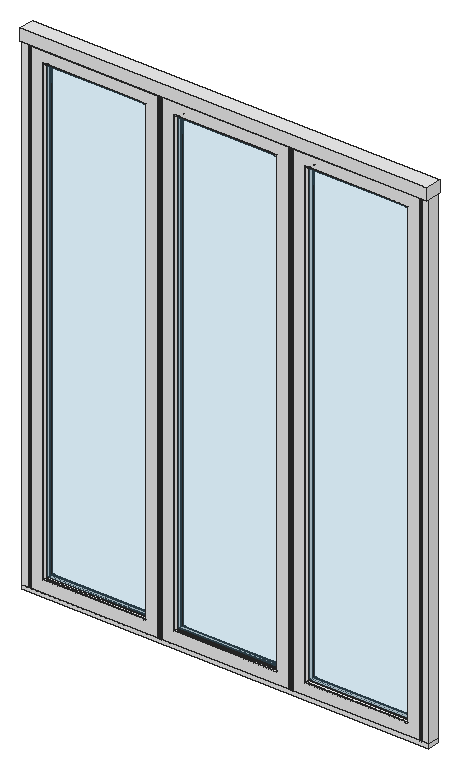
Revit family "Window-NanaWall-WD-66", category Windows, host Wall, Revit 2013 (continued)
Definition of nested family "Sill_WD-66"
  Definition of nested family "Sill_WD66"
    Lines and regions (in)
      model lines, style "DetailComponents", in view "Ref. Level", visible <- "Half"
        curve 318: line (-0.7283465, 4.2913386, 0) -> (-0.7283465, 4.1732283, 0)
        curve 319: line (-0.7283465, 4.1732283, 0) -> (-0.5905512, 4.1732283, 0)
        curve 320: line (-0.5905512, 4.1732283, 0) -> (-0.5905512, 3.8188976, 0)
        curve 321: line (-0.5905512, 3.8188976, 0) -> (-0.3937008, 3.8188976, 0)
        curve 322: line (-0.3937008, 3.8188976, 0) -> (-0.3937008, 3.7204724, 0)
        curve 323: line (-0.3937008, 3.7204724, 0) -> (-0.0393701, 3.7204724, 0)
        curve 324: line (-0.0393701, 3.7204724, 0) -> (-0.0393701, 3.8188976, 0)
        curve 325: line (-0.0393701, 3.8188976, 0) -> (0.8102539, 3.8188976, 0)
        curve 326: arc (-1.023622, 2.2244094, 0) -> (-1.0063252, 2.1826512, 0) -> (-0.9645669, 2.1653543, 0) r 0.0590551
        curve 327: arc (-0.8858268, 2.1653543, 0) -> (-0.8440685, 2.1826512, 0) -> (-0.8267717, 2.2244094, 0) r 0.0590551
      model lines, style "DetailComponents", in view "Ref. Level"
        curve 157: arc (-1.2204724, 1.0629921, 0) -> (-1.19741, 1.0073144, 0) -> (-1.1417323, 0.984252, 0) r 0.0787402
        curve 158: arc (-1.2992126, 1.0629921, 0) -> (-1.2530877, 0.9516367, 0) -> (-1.1417323, 0.9055118, 0) r 0.1574803
        curve 159: arc (-1.0629921, 0.8661417, 0) -> (-1.0745234, 0.8939806, 0) -> (-1.1023622, 0.9055118, 0) r 0.0393701
        curve 160: arc (-1.1023622, 2.480315, 0) -> (-1.2415565, 2.4226588, 0) -> (-1.2992126, 2.2834646, 0) r 0.1968504
        curve 161: arc (-1.1889764, 2.3740157, 0) -> (-1.2168152, 2.3624845, 0) -> (-1.2283465, 2.3346457, 0) r 0.0393701
        curve 162: arc (-1.0826772, 2.1653543, 0) -> (-1.0692772, 2.1705967, 0) -> (-1.0629921, 2.1835405, 0) r 0.0197468
        curve 163: arc (-1.0629921, 2.2322835, 0) -> (-1.0687577, 2.2462029, 0) -> (-1.0826772, 2.2519685, 0) r 0.019685
        curve 164: arc (-1.0826772, 2.3740157, 0) -> (-1.0687577, 2.3797814, 0) -> (-1.0629921, 2.3937008, 0) r 0.019685
        curve 165: arc (-1.0629921, 2.4409449, 0) -> (-1.0745234, 2.4687837, 0) -> (-1.1023622, 2.480315, 0) r 0.0393701
        curve 166: arc (-0.511811, 0.984252, 0) -> (-0.4839722, 0.9957832, 0) -> (-0.4724409, 1.023622, 0) r 0.0393701
        curve 167: arc (-0.3937008, 1.5354331, 0) -> (-0.4330709, 1.5748031, 0) -> (-0.4724409, 1.5354331, 0) r 0.0393701
        curve 168: arc (0.5511811, 1.6929134, 0) -> (0.4724409, 1.7716535, 0) -> (0.3937008, 1.6929134, 0) r 0.0787402
        curve 188: line (-1.1417323, 0.984252, 0) -> (-0.511811, 0.984252, 0)
        curve 189: line (-1.1417323, 0.9055118, 0) -> (-1.1023622, 0.9055118, 0)
        curve 190: line (-1.2992126, 2.2834646, 0) -> (-1.2992126, 1.0629921, 0)
        curve 191: line (-1.2204724, 1.0629921, 0) -> (-1.2204724, 2.1653543, 0)
        curve 192: line (-1.2204724, 2.1653543, 0) -> (-1.0826772, 2.1653543, 0)
        curve 193: line (-1.0629921, 2.3937008, 0) -> (-1.0629921, 2.4409449, 0)
        curve 194: line (-1.0629921, 2.1835405, 0) -> (-1.0629921, 2.2322835, 0)
        curve 195: line (-1.0826772, 2.2519685, 0) -> (-1.1023622, 2.2519685, 0)
        curve 196: line (-1.1023622, 2.2519685, 0) -> (-1.1023622, 2.2047244, 0)
        curve 197: line (-1.1023622, 2.2047244, 0) -> (-1.1535433, 2.2047244, 0)
        curve 198: line (-1.1535433, 2.2047244, 0) -> (-1.1535433, 2.2519685, 0)
        curve 199: line (-1.1535433, 2.2519685, 0) -> (-1.2283465, 2.2519685, 0)
        curve 200: line (-1.2283465, 2.2519685, 0) -> (-1.2283465, 2.3346457, 0)
        curve 201: line (-1.1889764, 2.3740157, 0) -> (-1.1535433, 2.3740157, 0)
        curve 202: line (-1.1535433, 2.3740157, 0) -> (-1.1535433, 2.4212598, 0)
        curve 203: line (-1.1535433, 2.4212598, 0) -> (-1.1023622, 2.4212598, 0)
        curve 204: line (-1.1023622, 2.4212598, 0) -> (-1.1023622, 2.3740157, 0)
        curve 205: line (-1.1023622, 2.3740157, 0) -> (-1.0826772, 2.3740157, 0)
        curve 206: line (0.4724409, 0.2559055, 0) -> (1.2283465, 0.2559055, 0)
        curve 207: line (1.2283465, 0.2559055, 0) -> (1.2283465, 0.9173228, 0)
        curve 208: line (1.2283465, 0.9173228, 0) -> (0.4724409, 0.9173228, 0)
        curve 209: line (0.4724409, 0.9173228, 0) -> (0.4724409, 0.2559055, 0)
        curve 210: line (-0.4724409, 1.5354331, 0) -> (-0.4724409, 1.023622, 0)
        curve 211: line (0.3937008, 1.6929134, 0) -> (0.3937008, 0.7834646, 0)
        curve 212: line (0.3937008, 0.7834646, 0) -> (0.3125178, 0.7834646, 0)
        curve 213: line (0.3125178, 0.7834646, 0) -> (0.2761104, 0.6535433, 0)
        curve 214: line (0.2761104, 0.6535433, 0) -> (-0.2761104, 0.6535433, 0)
        curve 215: line (-0.2761104, 0.6535433, 0) -> (-0.3637795, 0.7204724, 0)
        curve 216: line (-1.0629921, 0.8661417, 0) -> (-1.0629921, 0, 0)
        curve 217: line (-1.0629921, 0, 0) -> (-0.8819655, 0, 0)
        curve 218: line (-0.8819655, 0, 0) -> (-0.8661417, 0.0590551, 0)
        curve 219: line (-0.8661417, 0.0590551, 0) -> (-0.992126, 0.0590551, 0)
        curve 220: line (-0.992126, 0.0590551, 0) -> (-0.992126, 0.1889764, 0)
        curve 221: line (-0.992126, 0.1889764, 0) -> (-0.4724409, 0.1889764, 0)
        curve 222: line (-0.4724409, 0.1889764, 0) -> (-0.4724409, 0.0590551, 0)
        curve 223: line (-0.4724409, 0.0590551, 0) -> (-0.5708661, 0.0590551, 0)
        curve 224: line (-0.5708661, 0.0590551, 0) -> (-0.5550424, 0, 0)
        curve 225: line (-0.5550424, 0, 0) -> (-0.3136297, 0, 0)
        curve 226: line (-0.3136297, 0, 0) -> (-0.2761104, 0.1338583, 0)
        curve 227: line (0.2761104, 0.1338583, 0) -> (0.3637795, 0.0669291, 0)
        curve 228: line (0.3637795, 0.0669291, 0) -> (0.3937008, 0.0669291, 0)
        curve 229: line (0.3937008, 0.0669291, 0) -> (0.3937008, 0.2559055, 0)
        curve 230: line (0.3937008, 0.2559055, 0) -> (0.3637795, 0.2559055, 0)
        curve 231: line (0.3637795, 0.2559055, 0) -> (0.2761104, 0.2125984, 0)
        curve 232: line (0.2761104, 0.2125984, 0) -> (-0.2761104, 0.2125984, 0)
        curve 233: line (-0.2761104, 0.2125984, 0) -> (-0.3637795, 0.2559055, 0)
        curve 234: line (-0.3637795, 0.2559055, 0) -> (-0.3937008, 0.2559055, 0)
        curve 235: line (-0.3937008, 0.2559055, 0) -> (-0.3937008, 0.0669291, 0)
        curve 236: line (-0.3937008, 0.0669291, 0) -> (-0.3637795, 0.0669291, 0)
        curve 237: line (-0.3637795, 0.0669291, 0) -> (-0.2761104, 0.1338583, 0)
        curve 238: line (-0.2761104, 0.1338583, 0) -> (0.2761104, 0.1338583, 0)
        curve 239: line (0.2761104, 0.1338583, 0) -> (0.3136297, 0, 0)
        curve 240: line (0.3136297, 0, 0) -> (0.4724409, 0, 0)
        curve 241: line (-0.3637795, 0.7204724, 0) -> (-0.3937008, 0.7204724, 0)
        curve 242: line (-0.3937008, 0.7204724, 0) -> (-0.3937008, 0.5314961, 0)
        curve 243: line (-0.3937008, 0.5314961, 0) -> (-0.3637795, 0.5314961, 0)
        curve 244: line (-0.3637795, 0.5314961, 0) -> (-0.2761104, 0.5748031, 0)
        curve 245: line (-0.2761104, 0.5748031, 0) -> (0.2761104, 0.5748031, 0)
        curve 246: line (0.2761104, 0.5748031, 0) -> (0.3622047, 0.4527559, 0)
        curve 247: line (0.3622047, 0.4527559, 0) -> (0.3937008, 0.4527559, 0)
        curve 248: line (0.3937008, 0.4527559, 0) -> (0.3937008, 0.3346457, 0)
        curve 249: line (0.3937008, 0.3346457, 0) -> (0.3622047, 0.3346457, 0)
        curve 250: line (0.3622047, 0.3346457, 0) -> (0.2761104, 0.2125984, 0)
        curve 251: line (-0.488189, 0.8385827, 0) -> (-0.4724409, 0.8385827, 0)
        curve 252: line (-0.4724409, 0.8385827, 0) -> (-0.4724409, 0.3346457, 0)
        curve 253: line (-0.4724409, 0.3346457, 0) -> (-0.488189, 0.3346457, 0)
        curve 254: line (-0.488189, 0.3346457, 0) -> (-0.488189, 0.2559055, 0)
        curve 255: line (-0.488189, 0.2559055, 0) -> (-0.992126, 0.2559055, 0)
        curve 256: line (-0.992126, 0.2559055, 0) -> (-0.992126, 0.9173228, 0)
        curve 257: line (-0.992126, 0.9173228, 0) -> (-0.488189, 0.9173228, 0)
        curve 258: line (-0.488189, 0.9173228, 0) -> (-0.488189, 0.8385827, 0)
        curve 259: line (-0.2761104, 0.5748031, 0) -> (-0.3622047, 0.4527559, 0)
        curve 260: line (-0.3622047, 0.4527559, 0) -> (-0.3937008, 0.4527559, 0)
        curve 261: line (-0.3937008, 0.4527559, 0) -> (-0.3937008, 0.3346457, 0)
        curve 262: line (-0.3937008, 0.3346457, 0) -> (-0.3622047, 0.3346457, 0)
        curve 263: line (-0.3622047, 0.3346457, 0) -> (-0.2761104, 0.2125984, 0)
        curve 264: line (-0.2761104, 0.6535433, 0) -> (-0.3125178, 0.7834346, 0)
        curve 265: line (-0.3125178, 0.7834346, 0) -> (-0.3937008, 0.7834346, 0)
        curve 266: line (-0.3937008, 0.7834346, 0) -> (-0.3937008, 1.5354331, 0)
        curve 267: line (0.4724409, 0, 0) -> (0.4724409, 0.1889764, 0)
        curve 268: line (0.5511811, 1.6929134, 0) -> (0.5511811, 1.476378, 0)
        curve 269: line (0.5511811, 1.476378, 0) -> (0.4724409, 1.476378, 0)
        curve 270: line (0.4724409, 1.476378, 0) -> (0.4724409, 0.984252, 0)
        curve 271: line (0.4724409, 0.984252, 0) -> (1.2992126, 0.984252, 0)
        curve 272: line (1.2992126, 0.984252, 0) -> (1.2992126, 0, 0)
        curve 273: line (1.2992126, 0, 0) -> (1.1023622, 0, 0)
        curve 274: line (1.1023622, 0, 0) -> (1.1023622, 0.0590551, 0)
        curve 275: line (1.1023622, 0.0590551, 0) -> (1.2283465, 0.0590551, 0)
        curve 276: line (1.2283465, 0.0590551, 0) -> (1.2283465, 0.1889764, 0)
        curve 277: line (1.2283465, 0.1889764, 0) -> (0.7283465, 0.1889764, 0)
        curve 278: line (0.7283465, 0.1889764, 0) -> (0.7283465, 0.0590551, 0)
        curve 279: line (0.7283465, 0.0590551, 0) -> (0.8070866, 0.0590551, 0)
        curve 280: line (0.8070866, 0.0590551, 0) -> (0.8070866, 0, 0)
        curve 281: line (0.8070866, 0, 0) -> (0.6692913, 0, 0)
        curve 282: line (0.6692913, 0, 0) -> (0.6692913, 0.1889764, 0)
        curve 283: line (0.6692913, 0.1889764, 0) -> (0.4724409, 0.1889764, 0)
        curve 284: line (0.2761104, 0.6535433, 0) -> (0.3637795, 0.7204724, 0)
        curve 285: line (0.3637795, 0.7204724, 0) -> (0.3937008, 0.7204724, 0)
        curve 286: line (0.3937008, 0.7204724, 0) -> (0.3937008, 0.5314961, 0)
        curve 287: line (0.3937008, 0.5314961, 0) -> (0.3637795, 0.5314961, 0)
        curve 288: line (0.3637795, 0.5314961, 0) -> (0.2761104, 0.5748031, 0)
Definition of nested family "Header_WD-66"
  Parameters (values of type "Header_WD-66")
    half = yes
    Width = 8' - 0"
    Height = 9' - 10"
    Header = none
    Assembly Code = ""
  Reference planes (in)
    plane 1 "Center (Front/Back)": y = 0
    plane 2: z = 0
    plane 3 "Center (Left/Right)": x = -7.3020696
    plane 4 "Left": x = -55.3020696
    plane 5 "Right": x = 40.6979304
    plane 6 "Top": z = 118
  Forms (in)
    Sweep 1, solid, material <- "Header"
      path origin (-67.0957811, -180, 118) x (-1, 0, 0) y (0, -1, 0)
        loop
          line (-11.7937115, -180) -> (-107.7937115, -180)
      profile "Profile_Head_WD-66 : Profile_Head_WD-66" origin (-7.3020696, 0, 118) x (0, 1, 0) y (0, 0, 1)
        loop
          line (1.9094488, 0) -> (-1.9094488, 0) -> (-1.9094488, -2.7143209) -> (1.9094488, -2.7143209) -> (1.9094488, 0)
  Dimensions and locks (in)
    equal spacing: plane 4 "Left", plane 3 "Center (Left/Right)", plane 5 "Right"
    "Width": plane 4 "Left" to plane 5 "Right"
    "Height": plane 6 "Top" to level
    aligned and locked: nested 1 to plane 6 "Top"
  Automatic sketch dimensions
    Sweep 1 sketch curve to plane 1 "Center (Front/Back)" = 0' - 0"
    Sweep 1 sketch curve to plane 5 "Right" = 0' - 0"
    Sweep 1 sketch curve to plane 4 "Left" = 0' - 0"
  Nested families (in)
    nested 1: "Head_WD66" at (-55.3020696, 0.03125, 117.9409449) x (0, 1, 0) z (1, 0, 0), type "Head_WD66", detail levels fine
  Definition of nested family "Head_WD66"
    Parameters (values of type "Head_WD66")
      SmartBIM Object Version = 1  # constant formula
      SmartBIM Object Created By = "Reed Construction Data"  # constant formula
      Hakf = yes
      Assembly Code = ""
      95 CSI = ""
      04 CSI = ""
    Reference planes (in)
      plane 1 "Center (Front/Back)": y = 0
      plane 2: z = 0
      plane 3 "Center (Left/Right)": x = 0
    Lines and regions (in)
      model lines, style "DetailComponents", in view "Ref. Level", visible <- "Hakf"
        curve 1: line (1.2787553, -5.9009904, 0) -> (1.2787553, -5.5511811, 0)
        curve 2: line (1.2787553, -5.5511811, 0) -> (0.5110388, -5.5511811, 0)
        curve 3: line (1.2787553, -3.8976378, 0) -> (-1.3196699, -3.8976378, 0)
        curve 4: line (-1.3196699, -3.8976378, 0) -> (-1.3196699, -5.5511811, 0)
        curve 5: line (-1.3196699, -5.5511811, 0) -> (1.2787553, -5.5511811, 0)
        curve 6: line (1.2787553, -5.5511811, 0) -> (1.2787553, -3.8976378, 0)
        curve 7: line (0.2945033, -5.5511811, 0) -> (1.2787553, -5.5511811, 0)
        curve 8: arc (-0.4032501, -3.2113306, 0) -> (-0.3966883, -3.2234945, 0) -> (-0.3837469, -3.2283465, 0) r 0.019685
        curve 10: arc (-0.1385675, -3.2283465, 0) -> (-0.1378968, -3.2334413, 0) -> (-0.1359302, -3.238189, 0) r 0.019685
        curve 11: arc (0.0950156, -3.238189, 0) -> (0.0969822, -3.2334413, 0) -> (0.0976529, -3.2283465, 0) r 0.019685
        curve 12: arc (0.3623355, -3.2113306, 0) -> (0.3732435, -3.0511811, 0) -> (0.3623355, -2.8910316, 0) r 1.1811024
        curve 13: arc (0.3428323, -3.2283465, 0) -> (0.3557737, -3.2234945, 0) -> (0.3623355, -3.2113306, 0) r 0.019685
        curve 39: arc (0.4998109, -4.1762743, 0) -> (0.4929795, -4.1776331, 0) -> (0.4898989, -4.18388, 0) r 0.007874
        curve 40: arc (0.4898989, -4.2083354, 0) -> (0.4915261, -4.2131288, 0) -> (0.495735, -4.2159411, 0) r 0.007874
        curve 41: arc (0.6374673, -4.2131592, 0) -> (0.6442986, -4.2118004, 0) -> (0.6473792, -4.2055535, 0) r 0.007874
        curve 42: arc (0.6473792, -4.1810982, 0) -> (0.6457521, -4.1763048, 0) -> (0.6415432, -4.1734924, 0) r 0.007874
        curve 43: arc (0.6670643, -4.2519685, 0) -> (0.6809837, -4.2462029, 0) -> (0.6867493, -4.2322835, 0) r 0.019685
        curve 44: arc (0.4898989, -3.996063, 0) -> (0.4956645, -4.0099824, 0) -> (0.509584, -4.015748, 0) r 0.019685
        curve 45: arc (0.4998109, -4.0947565, 0) -> (0.4929795, -4.0961153, 0) -> (0.4898989, -4.1023622, 0) r 0.007874
        curve 46: arc (0.4898989, -4.1268175, 0) -> (0.4915261, -4.1316109, 0) -> (0.495735, -4.1344233, 0) r 0.007874
        curve 47: arc (0.509584, -3.8976378, 0) -> (0.4956645, -3.9034034, 0) -> (0.4898989, -3.9173228, 0) r 0.019685
        curve 48: arc (0.6473792, -4.0354331, 0) -> (0.6416136, -4.0215136, 0) -> (0.6276942, -4.015748, 0) r 0.019685
        curve 49: arc (0.6374673, -4.1316414, 0) -> (0.6442986, -4.1302826, 0) -> (0.6473792, -4.1240357, 0) r 0.007874
        curve 50: arc (0.529269, -3.3366142, 0) -> (0.5391115, -3.3464567, 0) -> (0.548954, -3.3366142, 0) r 0.0098425
        curve 51: arc (0.529269, -3.5826772, 0) -> (0.5742185, -3.4493048, 0) -> (0.5565881, -3.3096702, 0) r 0.3149606
        curve 52: arc (0.5861646, -3.5370454, 0) -> (0.6072798, -3.4179441, 0) -> (0.5861646, -3.2988428, 0) r 0.3464567
        curve 53: arc (0.5861646, -3.5370454, 0) -> (0.5876005, -3.5416217, 0) -> (0.5923923, -3.5414148, 0) r 0.003937
        curve 54: arc (0.5861646, -3.2988428, 0) -> (0.5731876, -3.2819796, 0) -> (0.552891, -3.2755906, 0) r 0.0354331
        curve 55: arc (0.5565881, -3.3096702, 0) -> (0.5522038, -3.3071471, 0) -> (0.548954, -3.3110236, 0) r 0.003937
        curve 56: arc (0.5416174, -3.1903712, 0) -> (0.5334846, -3.1898779, 0) -> (0.529269, -3.1968504, 0) r 0.007874
        curve 57: arc (0.6867493, -3.1968504, 0) -> (0.6825337, -3.1898779, 0) -> (0.6744009, -3.1903712, 0) r 0.007874
        curve 86: arc (0.7085222, -6.2662208, 0) -> (0.7124084, -6.2578868, 0) -> (0.7040745, -6.2540006, 0) r 0.0065022
        curve 87: arc (0.6687577, -6.2418845, 0) -> (0.678203, -6.2557838, 0) -> (0.6949368, -6.2573265, 0) r 0.019685
        curve 88: arc (0.6606451, -6.19026, 0) -> (0.6677853, -6.1857052, 0) -> (0.6666649, -6.1773103, 0) r 0.007874
        curve 89: arc (0.6606451, -6.1424826, 0) -> (0.6677853, -6.1379278, 0) -> (0.6666649, -6.1295329, 0) r 0.007874
        curve 90: arc (0.6606451, -6.0947051, 0) -> (0.6673422, -6.0909722, 0) -> (0.6676893, -6.0833127, 0) r 0.007874
        curve 91: arc (0.6604158, -6.0551164, 0) -> (0.6654207, -6.0550652, 0) -> (0.6685191, -6.0511344, 0) r 0.0057952
        curve 92: arc (0.4916263, -6.2165906, 0) -> (0.4929759, -6.2234312, 0) -> (0.4992277, -6.2265183, 0) r 0.007874
        curve 93: arc (0.4913537, -6.3268439, 0) -> (0.4941462, -6.3328588, 0) -> (0.500543, -6.3346073, 0) r 0.007874
        curve 94: arc (0.4916263, -6.108391, 0) -> (0.4929759, -6.1152316, 0) -> (0.4992277, -6.1183187, 0) r 0.007874
        curve 95: arc (0.6280134, -6.03997, 0) -> (0.6163138, -6.0443818, 0) -> (0.6151329, -6.0568297, 0) r 0.011811
        curve 96: arc (0.5367318, -5.9578412, 0) -> (0.5119254, -5.9773795, 0) -> (0.5080765, -6.008721, 0) r 0.0414549
        curve 97: arc (0.517472, -6.0914673, 0) -> (0.5206965, -6.0669505, 0) -> (0.5173578, -6.0424491, 0) r 0.0931661
        curve 98: arc (0.6604158, -6.0551164, 0) -> (0.645128, -6.0455892, 0) -> (0.6280134, -6.03997, 0) r 0.0752184
        curve 99: arc (0.6685191, -6.0425647, 0) -> (0.621535, -5.9707892, 0) -> (0.5367318, -5.9578412, 0) r 0.1052291
        curve 100: arc (0.500543, -6.3346073, 0) -> (0.6078775, -6.3105867, 0) -> (0.7085222, -6.2662208, 0) r 0.5648652
        curve 101: arc (-0.6110085, -6.023622, 0) -> (-0.58435, -5.9645669, 0) -> (-0.6110085, -5.9055118, 0) r 0.0787402
        curve 102: arc (-0.4535282, -5.9251969, 0) -> (-0.4592938, -5.9112774, 0) -> (-0.4732132, -5.9055118, 0) r 0.019685
        curve 103: arc (-0.6627193, -5.9221452, 0) -> (-0.6606071, -5.9115267, 0) -> (-0.669609, -5.9055118, 0) r 0.0097436
        curve 104: arc (-0.6698059, -6.023622, 0) -> (-0.6608039, -6.0176072, 0) -> (-0.6629161, -6.0069887, 0) r 0.0097436
        curve 105: arc (-0.4810872, -6.0604061, 0) -> (-0.4798885, -6.0664326, 0) -> (-0.4764747, -6.0715416, 0) r 0.015748
        curve 106: arc (-0.4732132, -5.9872973, 0) -> (-0.4789774, -5.9930614, 0) -> (-0.4810872, -6.0009355, 0) r 0.015748
        curve 107: arc (-0.4799459, -6.3480155, 0) -> (-0.4619223, -6.3456427, 0) -> (-0.4535282, -6.3295176, 0) r 0.019685
        curve 108: arc (-0.6766392, -6.2585441, 0) -> (-0.6798186, -6.2694521, 0) -> (-0.6723271, -6.2779945, 0) r 0.011811
        curve 109: arc (1.2787553, -5.6102362, 0) -> (1.2614585, -5.5684779, 0) -> (1.2197002, -5.5511811, 0) r 0.0590551
        curve 110: arc (1.123327, -6.1229651, 0) -> (1.2360353, -6.0364809, 0) -> (1.2787553, -5.9009904, 0) r 0.2362205
        curve 143: arc (-1.2212447, -3.8976378, 0) -> (-1.2908418, -3.9264659, 0) -> (-1.3196699, -3.996063, 0) r 0.0984252
        curve 144: arc (0.7866293, -3.1889764, 0) -> (0.7170322, -3.2178045, 0) -> (0.6882041, -3.2874016, 0) r 0.0984252
        curve 145: arc (1.2787553, -3.2874016, 0) -> (1.2499272, -3.2178045, 0) -> (1.1803301, -3.1889764, 0) r 0.0984252
        curve 146: arc (0.8401871, -5.4527559, 0) -> (0.8275338, -5.4573613, 0) -> (0.8208011, -5.4690227, 0) r 0.019685
        curve 147: arc (0.7897967, -5.5511811, 0) -> (0.80245, -5.5465757, 0) -> (0.8091826, -5.5349143, 0) r 0.019685
        curve 148: arc (0.968993, -5.4690227, 0) -> (0.9622603, -5.4573613, 0) -> (0.949607, -5.4527559, 0) r 0.019685
        curve 149: arc (0.9806114, -5.5349143, 0) -> (0.9873441, -5.5465757, 0) -> (0.9999974, -5.5511811, 0) r 0.019685
        curve 150: arc (1.2000151, -5.5511811, 0) -> (1.2556928, -5.5281186, 0) -> (1.2787553, -5.4724409, 0) r 0.0787402
        curve 151: arc (1.2000151, -5.5511811, 0) -> (1.2556928, -5.5281186, 0) -> (1.2787553, -5.4724409, 0) r 0.0787402
        curve 152: arc (-0.7134177, -6.2562811, 0) -> (-0.6804378, -6.2584427, 0) -> (-0.6514614, -6.2425457, 0) r 0.0590551
        curve 153: arc (-1.3196699, -5.8885728, 0) -> (-1.2721901, -6.0129699, 0) -> (-1.1649766, -6.091927, 0) r 0.2362205
        curve 157: arc (0.5307238, -3.2480315, 0) -> (0.5076614, -3.1923538, 0) -> (0.4519837, -3.1692913, 0) r 0.0787402
        curve 158: arc (0.3732435, -3.4448819, 0) -> (0.3847747, -3.4727207, 0) -> (0.4126136, -3.484252, 0) r 0.0393701
        curve 159: arc (0.3929285, -3.3858268, 0) -> (0.3790091, -3.3915924, 0) -> (0.3732435, -3.4055118, 0) r 0.019685
        curve 160: arc (0.3732435, -3.1692913, 0) -> (0.396306, -3.224969, 0) -> (0.4519837, -3.2480315, 0) r 0.0787402
        curve 161: arc (0.4913537, -3.484252, 0) -> (0.5191926, -3.4727207, 0) -> (0.5307238, -3.4448819, 0) r 0.0393701
        curve 208: arc (-1.4377801, -4.3307087, 0) -> (-1.368183, -4.3018806, 0) -> (-1.3393549, -4.2322835, 0) r 0.0984252
        curve 216: line (-0.4032501, -3.2113306, 0) -> (0.3623355, -3.2113306, 0)
        curve 217: line (0.3428323, -3.2283465, 0) -> (-0.3837469, -3.2283465, 0)
        curve 218: line (-0.2645518, -3.8976378, 0) -> (-0.2645518, -3.7795276, 0)
        curve 219: line (-0.2645518, -3.7795276, 0) -> (0.2944982, -3.7795276, 0)
        curve 220: line (0.2944982, -3.7795276, 0) -> (0.2944982, -3.2677165, 0)
        curve 221: line (0.2944982, -3.2677165, 0) -> (-0.374788, -3.2677165, 0)
        curve 222: line (-0.374788, -3.2677165, 0) -> (-0.374788, -3.8976378, 0)
        curve 223: line (-0.2173077, -3.2677165, 0) -> (-0.2173077, -3.7795276, 0)
        curve 224: line (-0.2960478, -3.2283465, 0) -> (-0.2960478, -3.2677165, 0)
        curve 225: line (-0.2960478, -3.2677165, 0) -> (-0.2960478, -3.8976378, 0)
        curve 226: line (-0.3354179, -3.2677165, 0) -> (-0.3354179, -3.8976378, 0)
        curve 227: line (0.1763931, -3.2677165, 0) -> (0.1763931, -3.7795276, 0)
        curve 228: line (0.1074955, -3.7795276, 0) -> (0.1074955, -3.8976378, 0)
        curve 229: line (-0.14841, -3.7795276, 0) -> (-0.14841, -3.8976378, 0)
        curve 230: line (-0.1779376, -3.7795276, 0) -> (-0.1779376, -3.8976378, 0)
        curve 231: line (-0.1779376, -3.8976378, 0) -> (0.137023, -3.8976378, 0)
        curve 232: line (0.137023, -3.8976378, 0) -> (0.137023, -3.7795276, 0)
        curve 233: line (-0.1188825, -3.2677165, 0) -> (-0.1359302, -3.238189, 0)
        curve 234: line (-0.1359302, -3.238189, 0) -> (0.0950156, -3.238189, 0)
        curve 235: line (0.0950156, -3.238189, 0) -> (0.0779679, -3.2677165, 0)
        curve 236: line (0.2551333, -3.2677165, 0) -> (0.2551333, -3.2283465, 0)
        curve 275: line (0.6670643, -4.2519685, 0) -> (0.6301912, -4.2519685, 0)
        curve 276: line (0.6301912, -4.2519685, 0) -> (0.495735, -4.2159411, 0)
        curve 277: line (0.4998109, -4.1762743, 0) -> (0.6374673, -4.2131592, 0)
        curve 278: line (0.4898989, -4.18388, 0) -> (0.4898989, -4.2083354, 0)
        curve 279: line (0.6473792, -4.2055535, 0) -> (0.6473792, -4.1810982, 0)
        curve 280: line (0.6276942, -4.015748, 0) -> (0.509584, -4.015748, 0)
        curve 281: line (0.6473792, -3.9370079, 0) -> (0.529269, -3.9370079, 0)
        curve 282: line (0.529269, -3.9370079, 0) -> (0.529269, -3.976378, 0)
        curve 283: line (0.529269, -3.976378, 0) -> (0.6473792, -3.976378, 0)
        curve 284: line (0.6473792, -3.976378, 0) -> (0.6473792, -3.9370079, 0)
        curve 285: line (0.6415432, -4.1734924, 0) -> (0.495735, -4.1344233, 0)
        curve 286: line (0.4998109, -4.0947565, 0) -> (0.6374673, -4.1316414, 0)
        curve 287: line (0.4898989, -4.1023622, 0) -> (0.4898989, -4.1268175, 0)
        curve 288: line (0.4898989, -3.9173228, 0) -> (0.4898989, -3.996063, 0)
        curve 289: line (0.529269, -3.5826772, 0) -> (0.529269, -3.8976378, 0)
        curve 290: line (0.529269, -3.8976378, 0) -> (0.509584, -3.8976378, 0)
        curve 291: line (0.6473792, -4.1240357, 0) -> (0.6473792, -4.0354331, 0)
        curve 292: line (0.5686391, -3.7795276, 0) -> (0.5686391, -3.8976378, 0)
        curve 293: line (0.5686391, -3.8976378, 0) -> (0.6473792, -3.8976378, 0)
        curve 294: line (0.6473792, -3.8976378, 0) -> (0.6473792, -3.7795276, 0)
        curve 295: line (0.6473792, -3.7795276, 0) -> (0.5686391, -3.7795276, 0)
        curve 296: line (0.5686391, -3.5870431, 0) -> (0.5686391, -3.7598425, 0)
        curve 297: line (0.5686391, -3.7598425, 0) -> (0.6473792, -3.7598425, 0)
        curve 298: line (0.6473792, -3.7598425, 0) -> (0.6473792, -3.5209723, 0)
        curve 299: line (0.6473792, -3.5209723, 0) -> (0.5686391, -3.5870431, 0)
        curve 300: line (0.529269, -3.1968504, 0) -> (0.529269, -3.3366142, 0)
        curve 301: line (0.548954, -3.3366142, 0) -> (0.548954, -3.3110236, 0)
        curve 302: line (0.5923923, -3.5414148, 0) -> (0.6473792, -3.4952753, 0)
        curve 303: line (0.6473792, -3.4952753, 0) -> (0.6473792, -3.2329549, 0)
        curve 304: line (0.6473792, -3.2329549, 0) -> (0.5981666, -3.2601433, 0)
        curve 305: line (0.5981666, -3.2601433, 0) -> (0.552891, -3.2220795, 0)
        curve 306: line (0.552891, -3.2220795, 0) -> (0.552891, -3.2755906, 0)
        curve 307: line (0.6744009, -3.1903712, 0) -> (0.5981666, -3.2362205, 0)
        curve 308: line (0.5981666, -3.2362205, 0) -> (0.5416174, -3.1903712, 0)
        curve 309: line (0.6867493, -4.2322835, 0) -> (0.6867493, -3.1968504, 0)
        curve 364: line (0.6949368, -6.2573265, 0) -> (0.7040745, -6.2540006, 0)
        curve 365: line (0.6685191, -6.0425647, 0) -> (0.6685191, -6.0511344, 0)
        curve 366: line (0.6687577, -6.2418845, 0) -> (0.6606451, -6.19026, 0)
        curve 367: line (0.4916263, -6.3247902, 0) -> (0.5181766, -6.2265183, 0)
        curve 368: line (0.5181766, -6.2265183, 0) -> (0.4992277, -6.2265183, 0)
        curve 369: line (0.4916263, -6.108391, 0) -> (0.517472, -6.0914673, 0)
        curve 370: line (0.4916263, -6.2165906, 0) -> (0.5181766, -6.1183187, 0)
        curve 371: line (0.5181766, -6.1183187, 0) -> (0.4992277, -6.1183187, 0)
        curve 372: line (0.5173578, -6.0424491, 0) -> (0.5080765, -6.008721, 0)
        curve 373: line (0.6606451, -6.1424826, 0) -> (0.6372994, -6.1424826, 0)
        curve 374: line (0.6372994, -6.1424826, 0) -> (0.6666649, -6.1773103, 0)
        curve 375: line (0.6606451, -6.0947051, 0) -> (0.6372994, -6.0947051, 0)
        curve 376: line (0.6372994, -6.0947051, 0) -> (0.6666649, -6.1295329, 0)
        curve 377: line (0.6151329, -6.0568297, 0) -> (0.6676893, -6.0833127, 0)
        curve 378: line (-0.4732132, -5.9872973, 0) -> (-0.4614022, -5.969113, 0)
        curve 379: line (-0.4614022, -5.969113, 0) -> (-0.4535282, -5.9251969, 0)
        curve 380: line (-0.4535282, -6.3295176, 0) -> (-0.4535282, -6.1191256, 0)
        curve 381: line (-0.4535282, -6.1191256, 0) -> (-0.4764747, -6.0715416, 0)
        curve 382: line (-0.6723271, -6.2779945, 0) -> (-0.4799459, -6.3480155, 0)
        curve 383: line (-0.6627193, -5.9221452, 0) -> (-0.7015597, -5.9409449, 0)
        curve 384: line (-0.7015597, -5.9409449, 0) -> (-0.6681828, -5.9409449, 0)
        curve 385: line (-0.6681828, -5.9409449, 0) -> (-0.6110085, -5.9055118, 0)
        curve 386: line (-0.6110085, -5.9055118, 0) -> (-0.4732132, -5.9055118, 0)
        curve 387: line (-0.6718895, -5.9055118, 0) -> (-0.7291187, -5.9409449, 0)
        curve 388: line (-0.7291187, -5.9409449, 0) -> (-0.7291187, -5.988189, 0)
        curve 389: line (-0.7291187, -5.988189, 0) -> (-0.6721035, -6.023622, 0)
        curve 390: line (-0.4810872, -6.0604061, 0) -> (-0.4810872, -6.0009355, 0)
        curve 391: line (-0.6629161, -6.0069887, 0) -> (-0.7015597, -5.988189, 0)
        curve 392: line (-0.7015597, -5.988189, 0) -> (-0.6681828, -5.988189, 0)
        curve 393: line (-0.6681828, -5.988189, 0) -> (-0.6110085, -6.023622, 0)
        curve 394: line (-0.6110085, -6.023622, 0) -> (-0.6110085, -6.1929134, 0)
        curve 395: line (-0.6110085, -6.1929134, 0) -> (-0.6766392, -6.2585441, 0)
        curve 396: line (-0.7488037, -6.023622, 0) -> (-0.6110085, -6.023622, 0)
        curve 397: line (-0.6110085, -6.023622, 0) -> (-0.6110085, -6.0826772, 0)
        curve 398: line (-0.6110085, -6.0826772, 0) -> (-0.6110085, -6.023622, 0)
        curve 399: line (-0.6110085, -6.023622, 0) -> (-0.7488037, -6.023622, 0)
        curve 400: line (-0.7488037, -6.023622, 0) -> (-0.7488037, -5.9055118, 0)
        curve 401: line (-0.7488037, -5.9055118, 0) -> (-0.6110085, -5.9055118, 0)
        curve 402: line (1.2787553, -5.9009904, 0) -> (1.2787553, -5.6102362, 0)
        curve 403: line (1.123327, -6.1229651, 0) -> (0.6882041, -6.2598425, 0)
        curve 404: line (0.6882041, -6.2598425, 0) -> (0.6685191, -6.2401575, 0)
        curve 405: line (0.6685191, -6.2401575, 0) -> (0.6685191, -5.9448819, 0)
        curve 406: line (0.6685191, -5.9448819, 0) -> (0.5110388, -5.9448819, 0)
        curve 407: line (0.5110388, -5.9448819, 0) -> (0.5110388, -5.5511811, 0)
        curve 408: line (0.5110388, -5.5511811, 0) -> (1.2197002, -5.5511811, 0)
        curve 409: line (1.2197002, -5.5511811, 0) -> (1.0393675, -5.5511811, 0)
        curve 490: line (-1.3196699, -5.8885728, 0) -> (-1.3196699, -3.996063, 0)
        curve 491: line (1.2787553, -3.2874016, 0) -> (1.2787553, -5.4724409, 0)
        curve 492: line (0.6882041, -3.2874016, 0) -> (0.6882041, -4.2519685, 0)
        curve 493: line (0.6882041, -4.2519685, 0) -> (0.4913537, -4.2519685, 0)
        curve 494: line (0.4913537, -4.2519685, 0) -> (0.4913537, -3.8976378, 0)
        curve 495: line (0.4913537, -3.8976378, 0) -> (0.0779679, -3.8976378, 0)
        curve 496: line (0.0779679, -3.8976378, 0) -> (0.0779679, -4.0944882, 0)
        curve 497: line (0.0779679, -4.0944882, 0) -> (-0.0795124, -4.0944882, 0)
        curve 498: line (-0.0795124, -4.0944882, 0) -> (-0.0795124, -3.8976378, 0)
        curve 499: line (-0.0795124, -3.8976378, 0) -> (-0.5322683, -3.8976378, 0)
        curve 500: line (-0.5322683, -3.8976378, 0) -> (-0.5322683, -4.2519685, 0)
        curve 501: line (-0.5322683, -4.2519685, 0) -> (-0.7291187, -4.2519685, 0)
        curve 502: line (-0.7291187, -4.2519685, 0) -> (-0.7291187, -3.8976378, 0)
        curve 503: line (-0.7291187, -3.8976378, 0) -> (-1.2212447, -3.8976378, 0)
        curve 504: line (0.7866293, -3.1889764, 0) -> (1.1803301, -3.1889764, 0)
        curve 505: line (1.1803301, -5.5511811, 0) -> (1.0425348, -5.5511811, 0)
        curve 506: line (0.8401871, -5.4527559, 0) -> (0.949607, -5.4527559, 0)
        curve 507: line (0.949607, -5.4527559, 0) -> (0.8401871, -5.4527559, 0)
        curve 508: line (-0.7488037, -5.9055118, 0) -> (-0.6110085, -5.9055118, 0)
        curve 509: line (-0.6110085, -5.9055118, 0) -> (-0.6110085, -5.5511811, 0)
        curve 510: line (-0.6110085, -5.5511811, 0) -> (-0.4141581, -5.5511811, 0)
        curve 511: line (-0.4141581, -5.5511811, 0) -> (-0.4141581, -5.4527559, 0)
        curve 512: line (-0.4141581, -5.4527559, 0) -> (-0.0598274, -5.4527559, 0)
        curve 513: line (-0.0598274, -5.4527559, 0) -> (-0.0598274, -5.5511811, 0)
        curve 514: line (-0.0598274, -5.5511811, 0) -> (0.7897967, -5.5511811, 0)
        curve 515: line (0.8091826, -5.5349143, 0) -> (0.8208011, -5.4690227, 0)
        curve 516: line (0.9999974, -5.5511811, 0) -> (1.2000151, -5.5511811, 0)
        curve 517: line (0.9806114, -5.5349143, 0) -> (0.968993, -5.4690227, 0)
        curve 518: line (-0.7134177, -6.2562811, 0) -> (-1.1649766, -6.091927, 0)
        curve 519: line (-0.6514614, -6.2425457, 0) -> (-0.6110085, -6.2020928, 0)
        curve 520: line (-0.6110085, -6.2020928, 0) -> (-0.6110085, -6.0433071, 0)
        curve 522: line (0.4519837, -2.8740157, 0) -> (0.4519837, -3.1692913, 0)
        curve 523: line (0.3732435, -3.1692913, 0) -> (0.3732435, -2.0843849, 0)
        curve 532: line (0.4913537, -3.484252, 0) -> (0.4126136, -3.484252, 0)
        curve 533: line (0.3929285, -3.3858268, 0) -> (0.4519837, -3.3858268, 0)
        curve 534: line (0.4519837, -3.3858268, 0) -> (0.4519837, -3.2480315, 0)
        curve 535: line (0.3732435, -3.4448819, 0) -> (0.3732435, -3.4055118, 0)
        curve 536: line (0.5307238, -3.4448819, 0) -> (0.5307238, -3.2480315, 0)
      model lines, style "DetailComponents", in view "Ref. Level"
        curve 9: arc (-0.3837469, -2.8740157, 0) -> (-0.3966883, -2.8788677, 0) -> (-0.4032501, -2.8910316, 0) r 0.019685
        curve 14: arc (0.3623355, -2.8910316, 0) -> (0.3557737, -2.8788677, 0) -> (0.3428323, -2.8740157, 0) r 0.019685
        curve 15: arc (0.1702889, -1.840875, 0) -> (-0.0204573, -1.3523622, 0) -> (-0.2112035, -1.840875, 0) r 0.2814961
        curve 16: arc (-0.0964507, -1.403967, 0) -> (-0.1563508, -1.4334638, 0) -> (-0.205917, -1.4781994, 0) r 0.242126
        curve 17: arc (-0.2112035, -1.840875, 0) -> (-0.1848536, -1.8470763, 0) -> (-0.165909, -1.8277404, 0) r 0.0275591
        curve 18: arc (-0.5519486, -2.1298428, 0) -> (-0.5087206, -2.0866118, 0) -> (-0.4928982, -2.0275591, 0) r 0.1181102
        curve 19: arc (-0.7291187, -2.0275591, 0) -> (-0.7132963, -2.0866118, 0) -> (-0.6700684, -2.1298428, 0) r 0.1181102
        curve 20: arc (-0.4928982, -1.2401575, 0) -> (-0.6110085, -1.1220472, 0) -> (-0.7291187, -1.2401575, 0) r 0.1181102
        curve 21: arc (-0.205917, -1.4781994, 0) -> (-0.2119485, -1.5007005, 0) -> (-0.1985873, -1.5197835, 0) r 0.0275591
        curve 22: arc (-0.2566778, -1.0433071, 0) -> (-0.2705972, -1.0490727, 0) -> (-0.2763628, -1.0629921, 0) r 0.019685
        curve 23: arc (0.4519837, -2.0275591, 0) -> (0.467806, -2.0866118, 0) -> (0.511034, -2.1298428, 0) r 0.1181102
        curve 24: arc (0.6882041, -1.2401575, 0) -> (0.5700939, -1.1220472, 0) -> (0.4519837, -1.2401575, 0) r 0.1181102
        curve 25: circle (-0.0204573, -1.6338583, 0) r 0.1377953 normal (0, 0, 1)
        curve 26: circle (-0.0204573, -1.6338583, 0) r 0.1574803 normal (0, 0, 1)
        curve 27: arc (0.1249944, -1.8277404, 0) -> (0.143939, -1.8470763, 0) -> (0.1702889, -1.840875, 0) r 0.0275591
        curve 28: arc (-0.1471433, -1.7577058, 0) -> (-0.0204573, -1.8110236, 0) -> (0.1062287, -1.7577058, 0) r 0.1771654
        curve 29: arc (0.1650024, -1.4781994, 0) -> (0.1154362, -1.4334638, 0) -> (0.0555362, -1.403967, 0) r 0.242126
        curve 30: arc (-0.0514226, -1.45942, 0) -> (-0.1181366, -1.4860533, 0) -> (-0.1687923, -1.5369857, 0) r 0.1771654
        curve 31: arc (-0.1522362, -1.5476355, 0) -> (-0.1549535, -1.5452495, 0) -> (-0.1579599, -1.5432398, 0) r 0.0275591
        curve 32: arc (-0.0611811, -1.4230007, 0) -> (-0.0747128, -1.4058807, 0) -> (-0.0964507, -1.403967, 0) r 0.0275591
        curve 33: arc (0.1278777, -1.5369857, 0) -> (0.0772221, -1.4860533, 0) -> (0.010508, -1.45942, 0) r 0.1771654
        curve 34: arc (0.0555362, -1.403967, 0) -> (0.0337982, -1.4058807, 0) -> (0.0202665, -1.4230007, 0) r 0.0275591
        curve 35: arc (0.1170453, -1.5432398, 0) -> (0.1140389, -1.5452495, 0) -> (0.1113216, -1.5476355, 0) r 0.0275591
        curve 36: arc (0.1576727, -1.5197835, 0) -> (0.1710339, -1.5007005, 0) -> (0.1650024, -1.4781994, 0) r 0.0275591
        curve 37: arc (0.2354482, -1.0629921, 0) -> (0.2296826, -1.0490727, 0) -> (0.2157632, -1.0433071, 0) r 0.019685
        curve 38: arc (0.6291538, -2.1298428, 0) -> (0.6723817, -2.0866118, 0) -> (0.6882041, -2.0275591, 0) r 0.1181102
        curve 58: arc (0.4637947, -2.8740157, 0) -> (0.4528827, -2.8813069, 0) -> (0.455443, -2.8941784, 0) r 0.011811
        curve 59: arc (0.4946153, -2.9333507, 0) -> (0.5073878, -2.941885, 0) -> (0.5224541, -2.9448819, 0) r 0.0393701
        curve 60: arc (0.5149758, -2.8385827, 0) -> (0.5115164, -2.830231, 0) -> (0.5031648, -2.8267717, 0) r 0.011811
        curve 61: arc (0.4972592, -2.804732, 0) -> (0.4917562, -2.8180175, 0) -> (0.5031648, -2.8267717, 0) r 0.011811
        curve 62: arc (0.5543459, -2.8858268, 0) -> (0.5578052, -2.8941784, 0) -> (0.5661569, -2.8976378, 0) r 0.011811
        curve 63: arc (0.633086, -2.8976378, 0) -> (0.6414377, -2.8941784, 0) -> (0.644897, -2.8858268, 0) r 0.011811
        curve 64: arc (0.5661569, -2.8149606, 0) -> (0.5578052, -2.81842, 0) -> (0.5543459, -2.8267717, 0) r 0.011811
        curve 65: arc (0.6960781, -2.8267717, 0) -> (0.7074867, -2.8180175, 0) -> (0.7019837, -2.804732, 0) r 0.011811
        curve 66: arc (0.6960781, -2.8267717, 0) -> (0.6877265, -2.830231, 0) -> (0.6842671, -2.8385827, 0) r 0.011811
        curve 67: arc (0.644897, -2.8267717, 0) -> (0.6414377, -2.81842, 0) -> (0.633086, -2.8149606, 0) r 0.011811
        curve 68: arc (1.4546732, -2.8976158, 0) -> (1.4657577, -2.8854661, 0) -> (1.4539522, -2.8740157, 0) r 0.011811
        curve 69: arc (1.0307238, -2.5, 0) -> (0.9961301, -2.4164835, 0) -> (0.9126136, -2.3818898, 0) r 0.1181102
        curve 70: line (0.9913537, -2.5, 0) -> (0.8709045, -2.3818898, 0)
        curve 71: arc (-0.9535282, -2.3818898, 0) -> (-1.0370447, -2.4164835, 0) -> (-1.0716384, -2.5, 0) r 0.1181102
        curve 72: line (-1.0322683, -2.5, 0) -> (-0.911819, -2.3818898, 0)
        curve 73: arc (-1.0441328, -2.9262168, 0) -> (-1.2335319, -2.9937903, 0) -> (-1.3156252, -3.177363, 0) r 0.2559055
        curve 74: arc (-1.0440793, -2.8740157, 0) -> (-1.2528707, -2.9605, 0) -> (-1.3393549, -3.1692913, 0) r 0.2952756
        curve 75: arc (-1.339241, -3.1774934, 0) -> (-1.3273693, -3.1889762, 0) -> (-1.3156252, -3.177363, 0) r 0.011811
        curve 76: arc (-0.6858116, -2.8858268, 0) -> (-0.6823523, -2.8941784, 0) -> (-0.6740006, -2.8976378, 0) r 0.011811
        curve 77: arc (-0.7251817, -2.8385827, 0) -> (-0.7286411, -2.830231, 0) -> (-0.7369927, -2.8267717, 0) r 0.011811
        curve 78: arc (-0.7428982, -2.804732, 0) -> (-0.7484013, -2.8180175, 0) -> (-0.7369927, -2.8267717, 0) r 0.011811
        curve 79: arc (-0.6740006, -2.8149606, 0) -> (-0.6823523, -2.81842, 0) -> (-0.6858116, -2.8267717, 0) r 0.011811
        curve 80: arc (-0.6070715, -2.8976378, 0) -> (-0.5987198, -2.8941784, 0) -> (-0.5952604, -2.8858268, 0) r 0.011811
        curve 81: arc (-0.5633687, -2.9448819, 0) -> (-0.5483024, -2.941885, 0) -> (-0.5355298, -2.9333507, 0) r 0.0393701
        curve 82: arc (-0.4963576, -2.8941784, 0) -> (-0.4937973, -2.8813069, 0) -> (-0.5047093, -2.8740157, 0) r 0.011811
        curve 83: arc (-0.5440793, -2.8267717, 0) -> (-0.5326708, -2.8180175, 0) -> (-0.5381738, -2.804732, 0) r 0.011811
        curve 84: arc (-0.5440793, -2.8267717, 0) -> (-0.552431, -2.830231, 0) -> (-0.5558904, -2.8385827, 0) r 0.011811
        curve 85: arc (-0.5952604, -2.8267717, 0) -> (-0.5987198, -2.81842, 0) -> (-0.6070715, -2.8149606, 0) r 0.011811
        curve 111: arc (-0.855103, -2.8740157, 0) -> (-0.8272641, -2.8624845, 0) -> (-0.8157329, -2.8346457, 0) r 0.0393701
        curve 112: arc (-0.8157329, -2.5787402, 0) -> (-0.8272641, -2.5509013, 0) -> (-0.855103, -2.5393701, 0) r 0.0393701
        curve 113: arc (-0.9141581, -2.5393701, 0) -> (-0.9419969, -2.5509013, 0) -> (-0.9535282, -2.5787402, 0) r 0.0393701
        curve 114: arc (-1.2409297, -2.8543307, 0) -> (-1.2351641, -2.8682501, 0) -> (-1.2212447, -2.8740157, 0) r 0.019685
        curve 115: arc (-1.3393549, -2.5787402, 0) -> (-1.3335893, -2.5926596, 0) -> (-1.3196699, -2.5984252, 0) r 0.019685
        curve 116: arc (-1.3196699, -2.1988189, 0) -> (-1.3335893, -2.2045845, 0) -> (-1.3393549, -2.2185039, 0) r 0.019685
        curve 117: arc (-1.3393549, -1.8759843, 0) -> (-1.3335893, -1.8899037, 0) -> (-1.3196699, -1.8956693, 0) r 0.019685
        curve 118: arc (-0.6175035, -0.5817503, 0) -> (-0.6378861, -0.4792801, 0) -> (-0.7315892, -0.4330709, 0) r 0.1181102
        curve 119: arc (-0.7143774, -0.575961, 0) -> (-0.7177745, -0.5588826, 0) -> (-0.7333917, -0.5511811, 0) r 0.019685
        curve 120: arc (-1.0440793, -0.5905512, 0) -> (-1.0719182, -0.6020824, 0) -> (-1.0834494, -0.6299213, 0) r 0.0393701
        curve 121: arc (-1.3196699, -1.1358268, 0) -> (-1.3335893, -1.1415924, 0) -> (-1.3393549, -1.1555118, 0) r 0.019685
        curve 122: arc (-1.3393549, -0.8129921, 0) -> (-1.3335893, -0.8269116, 0) -> (-1.3196699, -0.8326772, 0) r 0.019685
        curve 123: arc (-1.0834494, -0.019685, 0) -> (-1.089215, -0.0057656, 0) -> (-1.1031345, 0, 0) r 0.019685
        curve 124: arc (-1.3196699, 0, 0) -> (-1.3335893, -0.0057656, 0) -> (-1.3393549, -0.019685, 0) r 0.019685
        curve 125: arc (0.7748183, -2.8346457, 0) -> (0.7863495, -2.8624845, 0) -> (0.8141884, -2.8740157, 0) r 0.0393701
        curve 126: arc (0.8141884, -2.5393701, 0) -> (0.7863495, -2.5509013, 0) -> (0.7748183, -2.5787402, 0) r 0.0393701
        curve 127: arc (0.9126136, -2.5787402, 0) -> (0.9010823, -2.5509013, 0) -> (0.8732435, -2.5393701, 0) r 0.0393701
        curve 128: arc (1.1803301, -2.8740157, 0) -> (1.1942495, -2.8682501, 0) -> (1.2000151, -2.8543307, 0) r 0.019685
        curve 129: arc (1.2787553, -2.5984252, 0) -> (1.2926747, -2.5926596, 0) -> (1.2984403, -2.5787402, 0) r 0.019685
        curve 130: arc (1.2984403, -2.2185039, 0) -> (1.2926747, -2.2045845, 0) -> (1.2787553, -2.1988189, 0) r 0.019685
        curve 131: arc (1.2787553, -1.8956693, 0) -> (1.2926747, -1.8899037, 0) -> (1.2984403, -1.8759843, 0) r 0.019685
        curve 132: arc (0.6906746, -0.4330709, 0) -> (0.5969715, -0.4792801, 0) -> (0.5765889, -0.5817503, 0) r 0.1181102
        curve 133: arc (0.6924771, -0.5511811, 0) -> (0.6768599, -0.5588826, 0) -> (0.6734629, -0.575961, 0) r 0.019685
        curve 134: arc (1.0425348, -0.6299213, 0) -> (1.0310036, -0.6020824, 0) -> (1.0031648, -0.5905512, 0) r 0.0393701
        curve 135: arc (1.2984403, -1.1555118, 0) -> (1.2926747, -1.1415924, 0) -> (1.2787553, -1.1358268, 0) r 0.019685
        curve 136: arc (1.2787553, -0.8326772, 0) -> (1.2926747, -0.8269116, 0) -> (1.2984403, -0.8129921, 0) r 0.019685
        curve 137: arc (1.0622199, 0, 0) -> (1.0483004, -0.0057656, 0) -> (1.0425348, -0.019685, 0) r 0.019685
        curve 138: arc (1.2984403, -0.019685, 0) -> (1.2926747, -0.0057656, 0) -> (1.2787553, 0, 0) r 0.019685
        curve 139: arc (1.2984403, -2.7755906, 0) -> (1.3272684, -2.8451877, 0) -> (1.3968655, -2.8740157, 0) r 0.0984252
        curve 140: arc (1.7905663, -2.8740157, 0) -> (1.8601635, -2.8451877, 0) -> (1.8889915, -2.7755906, 0) r 0.0984252
        curve 141: arc (1.3968655, 0, 0) -> (1.3272684, -0.0288281, 0) -> (1.2984403, -0.0984252, 0) r 0.0984252
        curve 142: arc (1.8889915, -0.0984252, 0) -> (1.8601635, -0.0288281, 0) -> (1.7905663, 0, 0) r 0.0984252
        curve 154: arc (-0.6503786, -3.1771654, 0) -> (-0.6296223, -3.2272753, 0) -> (-0.5795124, -3.2480315, 0) r 0.0708661
        curve 155: arc (-0.5795124, -3.1102362, 0) -> (-0.585278, -3.0963168, 0) -> (-0.5991975, -3.0905512, 0) r 0.019685
        curve 156: arc (-0.4928982, -3.2480315, 0) -> (-0.4372205, -3.224969, 0) -> (-0.4141581, -3.1692913, 0) r 0.0787402
        curve 162: arc (-0.6700636, -2.1298455, 0) -> (-0.6110085, -2.1456693, 0) -> (-0.5519534, -2.1298455, 0) r 0.1181102
        curve 163: arc (-0.7488037, -2.8740157, 0) -> (-0.7348843, -2.8682501, 0) -> (-0.7291187, -2.8543307, 0) r 0.019685
        curve 164: arc (-0.7881738, -2.6023622, 0) -> (-0.8020933, -2.6081278, 0) -> (-0.8078589, -2.6220472, 0) r 0.019685
        curve 165: arc (-0.8078589, -2.2874016, 0) -> (-0.8020933, -2.301321, 0) -> (-0.7881738, -2.3070866, 0) r 0.019685
        curve 166: arc (-0.8078589, -2.0048287, 0) -> (-0.7973097, -2.0441988, 0) -> (-0.7684888, -2.0730197, 0) r 0.0787402
        curve 167: arc (-0.5519534, -2.8543307, 0) -> (-0.5461877, -2.8682501, 0) -> (-0.5322683, -2.8740157, 0) r 0.019685
        curve 168: arc (-0.4141581, -2.0843849, 0) -> (-0.4240006, -2.0673371, 0) -> (-0.4436856, -2.0673371, 0) r 0.019685
        curve 169: arc (-0.7920833, -0.2806854, 0) -> (-0.7850525, -0.2912077, 0) -> (-0.773069, -0.2952756, 0) r 0.019685
        curve 170: arc (-0.7246477, -0.8374826, 0) -> (-0.7569463, -0.795412, 0) -> (-0.7960478, -0.8312479, 0) r 0.0359723
        curve 171: arc (-0.7246477, -0.8374826, 0) -> (-0.7227322, -0.9041094, 0) -> (-0.6946662, -0.9645669, 0) r 0.1653543
        curve 172: arc (-0.773069, -0.5905512, 0) -> (-0.7850525, -0.594619, 0) -> (-0.7920833, -0.6051414, 0) r 0.019685
        curve 173: arc (-0.3236069, -0.4566929, 0) -> (-0.3514457, -0.4682241, 0) -> (-0.362977, -0.496063, 0) r 0.0393701
        curve 174: arc (-0.4187522, -0.7459907, 0) -> (-0.4276122, -0.7585911, 0) -> (-0.4246857, -0.7737142, 0) r 0.019685
        curve 175: arc (-0.4798098, -0.9206009, 0) -> (-0.5068772, -0.9226124, 0) -> (-0.5062062, -0.9497462, 0) r 0.019685
        curve 176: arc (-0.5075441, -0.7840183, 0) -> (-0.5061886, -0.8103937, 0) -> (-0.4798098, -0.8116825, 0) r 0.019685
        curve 177: arc (-0.5075441, -0.7840183, 0) -> (-0.5617959, -0.7677165, 0) -> (-0.6160476, -0.7840183, 0) r 0.0984252
        curve 178: arc (-0.6437819, -0.8116825, 0) -> (-0.6174032, -0.8103937, 0) -> (-0.6160476, -0.7840183, 0) r 0.019685
        curve 179: arc (-0.6437819, -0.8116825, 0) -> (-0.6602211, -0.8661417, 0) -> (-0.6437819, -0.9206009, 0) r 0.0984252
        curve 180: arc (-0.6173855, -0.9497462, 0) -> (-0.6167145, -0.9226124, 0) -> (-0.6437819, -0.9206009, 0) r 0.019685
        curve 181: arc (-0.4289255, -0.9645669, 0) -> (-0.3964823, -0.8698142, 0) -> (-0.4246857, -0.7737142, 0) r 0.1653543
        curve 182: arc (-0.4798098, -0.9206009, 0) -> (-0.4633707, -0.8661417, 0) -> (-0.4798098, -0.8116825, 0) r 0.0984252
        curve 183: arc (-0.4187522, -0.7459907, 0) -> (-0.3778583, -0.703061, 0) -> (-0.362977, -0.6456693, 0) r 0.1181102
        curve 184: arc (-0.362977, -0.2401575, 0) -> (-0.3072993, -0.217095, 0) -> (-0.2842368, -0.1614173, 0) r 0.0787402
        curve 185: arc (0.5110388, -2.1298455, 0) -> (0.5700939, -2.1456693, 0) -> (0.629149, -2.1298455, 0) r 0.1181102
        curve 186: arc (0.4913537, -2.8740157, 0) -> (0.5052732, -2.8682501, 0) -> (0.5110388, -2.8543307, 0) r 0.019685
        curve 187: arc (0.4027711, -2.0673371, 0) -> (0.383086, -2.0673371, 0) -> (0.3732435, -2.0843849, 0) r 0.019685
        curve 188: arc (0.6882041, -2.8543307, 0) -> (0.6939697, -2.8682501, 0) -> (0.7078892, -2.8740157, 0) r 0.019685
        curve 189: arc (0.7669443, -2.6220472, 0) -> (0.7611787, -2.6081278, 0) -> (0.7472592, -2.6023622, 0) r 0.019685
        curve 190: arc (0.7472592, -2.3070866, 0) -> (0.7611787, -2.301321, 0) -> (0.7669443, -2.2874016, 0) r 0.019685
        curve 191: arc (0.7275742, -2.0730197, 0) -> (0.7563951, -2.0441988, 0) -> (0.7669443, -2.0048287, 0) r 0.0787402
        curve 192: arc (0.3220624, -0.496063, 0) -> (0.3105312, -0.4682241, 0) -> (0.2826923, -0.4566929, 0) r 0.0393701
        curve 193: arc (0.3837711, -0.7737142, 0) -> (0.3866976, -0.7585911, 0) -> (0.3778376, -0.7459907, 0) r 0.019685
        curve 194: arc (0.4388952, -0.8116825, 0) -> (0.465274, -0.8103937, 0) -> (0.4666295, -0.7840183, 0) r 0.019685
        curve 195: arc (0.4652916, -0.9497462, 0) -> (0.4659627, -0.9226124, 0) -> (0.4388952, -0.9206009, 0) r 0.019685
        curve 196: arc (0.3837711, -0.7737142, 0) -> (0.3555677, -0.8698142, 0) -> (0.3880109, -0.9645669, 0) r 0.1653543
        curve 197: arc (0.4388952, -0.8116825, 0) -> (0.4224561, -0.8661417, 0) -> (0.4388952, -0.9206009, 0) r 0.0984252
        curve 198: arc (0.5751331, -0.7840183, 0) -> (0.5208813, -0.7677165, 0) -> (0.4666295, -0.7840183, 0) r 0.0984252
        curve 199: arc (0.6028674, -0.9206009, 0) -> (0.5757999, -0.9226124, 0) -> (0.576471, -0.9497462, 0) r 0.019685
        curve 200: arc (0.6028674, -0.9206009, 0) -> (0.6193065, -0.8661417, 0) -> (0.6028674, -0.8116825, 0) r 0.0984252
        curve 201: arc (0.5751331, -0.7840183, 0) -> (0.5764886, -0.8103937, 0) -> (0.6028674, -0.8116825, 0) r 0.019685
        curve 202: arc (0.3220624, -0.6456693, 0) -> (0.3369437, -0.703061, 0) -> (0.3778376, -0.7459907, 0) r 0.1181102
        curve 203: arc (0.2433222, -0.1614173, 0) -> (0.2663847, -0.217095, 0) -> (0.3220624, -0.2401575, 0) r 0.0787402
        curve 204: arc (0.7321544, -0.2952756, 0) -> (0.7441379, -0.2912077, 0) -> (0.7511687, -0.2806854, 0) r 0.019685
        curve 205: arc (0.7551333, -0.8312479, 0) -> (0.7160318, -0.795412, 0) -> (0.6837331, -0.8374826, 0) r 0.0359723
        curve 206: arc (0.6537517, -0.9645669, 0) -> (0.6818176, -0.9041094, 0) -> (0.6837331, -0.8374826, 0) r 0.1653543
        curve 207: arc (0.7511687, -0.6051414, 0) -> (0.7441379, -0.594619, 0) -> (0.7321544, -0.5905512, 0) r 0.019685
        curve 209: arc (-1.9299061, -4.2322835, 0) -> (-1.901078, -4.3018806, 0) -> (-1.8314809, -4.3307087, 0) r 0.0984252
        curve 210: arc (-1.3393549, -0.0984252, 0) -> (-1.368183, -0.0288281, 0) -> (-1.4377801, 0, 0) r 0.0984252
        curve 211: arc (-1.8314809, 0, 0) -> (-1.901078, -0.0288281, 0) -> (-1.9299061, -0.0984252, 0) r 0.0984252
        curve 212: line (0.2551333, -2.8740157, 0) -> (0.2551333, -1.8700787, 0)
        curve 213: line (-0.2960478, -2.8740157, 0) -> (-0.2960478, -1.8700787, 0)
        curve 214: line (-0.3837469, -2.8740157, 0) -> (0.3428323, -2.8740157, 0)
        curve 215: line (-0.4032501, -2.8910316, 0) -> (0.3623355, -2.8910316, 0)
        curve 237: line (-0.1735583, -1.3976378, 0) -> (-0.4141581, -1.3976378, 0)
        curve 238: line (-0.4141581, -1.3976378, 0) -> (-0.4141581, -1.8700787, 0)
        curve 239: line (-0.4141581, -1.8700787, 0) -> (0.3732435, -1.8700787, 0)
        curve 240: line (0.3732435, -1.8700787, 0) -> (0.3732435, -1.3976378, 0)
        curve 241: line (0.3732435, -1.3976378, 0) -> (0.1326437, -1.3976378, 0)
        curve 242: line (-0.1579599, -1.5432398, 0) -> (-0.1985873, -1.5197835, 0)
        curve 243: line (-0.3649455, -1.3976378, 0) -> (-0.3649455, -1.2401575, 0)
        curve 244: line (-0.3649455, -1.2401575, 0) -> (0.3240302, -1.2401575, 0)
        curve 245: line (0.3240302, -1.2401575, 0) -> (0.3240302, -1.3976378, 0)
        curve 246: line (0.2157632, -1.0433071, 0) -> (-0.2566778, -1.0433071, 0)
        curve 247: line (-0.2763628, -1.2401575, 0) -> (-0.2763628, -1.0629921, 0)
        curve 248: line (-0.2763628, -1.0629921, 0) -> (0.2354482, -1.0629921, 0)
        curve 249: line (0.2354482, -1.0629921, 0) -> (0.2354482, -1.2401575, 0)
        curve 250: line (-0.4928982, -1.2401575, 0) -> (-0.4928982, -2.0275591, 0)
        curve 251: line (-0.7291187, -1.2401575, 0) -> (-0.7291187, -2.0275591, 0)
        curve 252: line (-0.7291187, -1.4566929, 0) -> (-0.7409297, -1.4566929, 0)
        curve 253: line (-0.7409297, -1.4566929, 0) -> (-0.7409297, -1.8110236, 0)
        curve 254: line (-0.7409297, -1.8110236, 0) -> (-0.7291187, -1.8110236, 0)
        curve 255: line (-0.4141581, -1.8110236, 0) -> (-0.4928982, -1.8110236, 0)
        curve 256: line (-0.4141581, -1.4566929, 0) -> (-0.4928982, -1.4566929, 0)
        curve 257: line (0.4519837, -1.2401575, 0) -> (0.4519837, -2.0275591, 0)
        curve 258: line (-0.165909, -1.8277404, 0) -> (-0.1410849, -1.7350957, 0)
        curve 259: line (0.1001703, -1.7350957, 0) -> (0.1249944, -1.8277404, 0)
        curve 260: line (0.3732435, -1.8110236, 0) -> (0.4519837, -1.8110236, 0)
        curve 261: line (0.1576727, -1.5197835, 0) -> (0.1170453, -1.5432398, 0)
        curve 262: line (-0.0611811, -1.4230007, 0) -> (-0.0463064, -1.4785139, 0)
        curve 263: line (0.0053918, -1.4785139, 0) -> (0.0202665, -1.4230007, 0)
        curve 264: line (0.3732435, -1.4566929, 0) -> (0.4519837, -1.4566929, 0)
        curve 265: line (0.6882041, -1.4566929, 0) -> (0.7000151, -1.4566929, 0)
        curve 266: line (0.7000151, -1.4566929, 0) -> (0.7000151, -1.8110236, 0)
        curve 267: line (0.7000151, -1.8110236, 0) -> (0.6882041, -1.8110236, 0)
        curve 268: line (0.6882041, -1.2401575, 0) -> (0.6882041, -2.0275591, 0)
        curve 269: line (-0.7684888, -2.0730197, 0) -> (-0.6700636, -2.1298455, 0)
        curve 270: line (-0.6700684, -2.1298428, 0) -> (-0.5519486, -2.1298428, 0)
        curve 271: line (-0.5519486, -2.1298428, 0) -> (-0.4436856, -2.0673371, 0)
        curve 272: line (0.4027711, -2.0673371, 0) -> (0.5110388, -2.1298455, 0)
        curve 273: line (0.511034, -2.1298428, 0) -> (0.6291538, -2.1298428, 0)
        curve 274: line (0.6291538, -2.1298428, 0) -> (0.7275742, -2.0730197, 0)
        curve 310: line (0.7019837, -2.804732, 0) -> (0.6515092, -2.7755906, 0)
        curve 311: line (0.6515092, -2.7755906, 0) -> (0.5477337, -2.7755906, 0)
        curve 312: line (0.5477337, -2.7755906, 0) -> (0.4972592, -2.804732, 0)
        curve 313: line (1.4546732, -2.8976158, 0) -> (0.6818789, -2.9448819, 0)
        curve 314: line (0.6818789, -2.9448819, 0) -> (0.5224541, -2.9448819, 0)
        curve 315: line (0.5149758, -2.8385827, 0) -> (0.5149758, -2.8740157, 0)
        curve 316: line (0.5149758, -2.8740157, 0) -> (0.4637947, -2.8740157, 0)
        curve 317: line (0.4946153, -2.9333507, 0) -> (0.455443, -2.8941784, 0)
        curve 318: line (0.6842671, -2.8385827, 0) -> (0.6842671, -2.8740157, 0)
        curve 319: line (0.6842671, -2.8740157, 0) -> (1.4539522, -2.8740157, 0)
        curve 320: line (0.644897, -2.8858268, 0) -> (0.644897, -2.8267717, 0)
        curve 321: line (0.5543459, -2.8267717, 0) -> (0.5543459, -2.8858268, 0)
        curve 322: line (0.5661569, -2.8976378, 0) -> (0.633086, -2.8976378, 0)
        curve 323: line (0.633086, -2.8149606, 0) -> (0.5661569, -2.8149606, 0)
        curve 324: line (1.0307238, -2.6968504, 0) -> (1.0307238, -2.5, 0)
        curve 325: line (1.0307238, -2.5, 0) -> (0.9913537, -2.5, 0)
        curve 326: line (0.9913537, -2.5, 0) -> (0.9913537, -2.6574803, 0)
        curve 327: line (0.9441096, -2.6574803, 0) -> (0.9913537, -2.6574803, 0)
        curve 328: line (0.9913537, -2.6574803, 0) -> (1.0307238, -2.6968504, 0)
        curve 329: line (1.0307238, -2.6968504, 0) -> (0.9047446, -2.6968504, 0)
        curve 330: line (0.9047446, -2.6968504, 0) -> (0.9047446, -2.5393701, 0)
        curve 331: line (0.9441096, -2.5, 0) -> (0.9067022, -2.5393701, 0)
        curve 332: line (0.9067022, -2.5393701, 0) -> (0.7078892, -2.5393701, 0)
        curve 333: line (0.5031648, -2.4212598, 0) -> (0.5031648, -2.5, 0)
        curve 334: line (0.5897789, -2.6181102, 0) -> (0.7078892, -2.6181102, 0)
        curve 335: line (0.9050164, -2.5393701, 0) -> (0.9050164, -2.6986246, 0)
